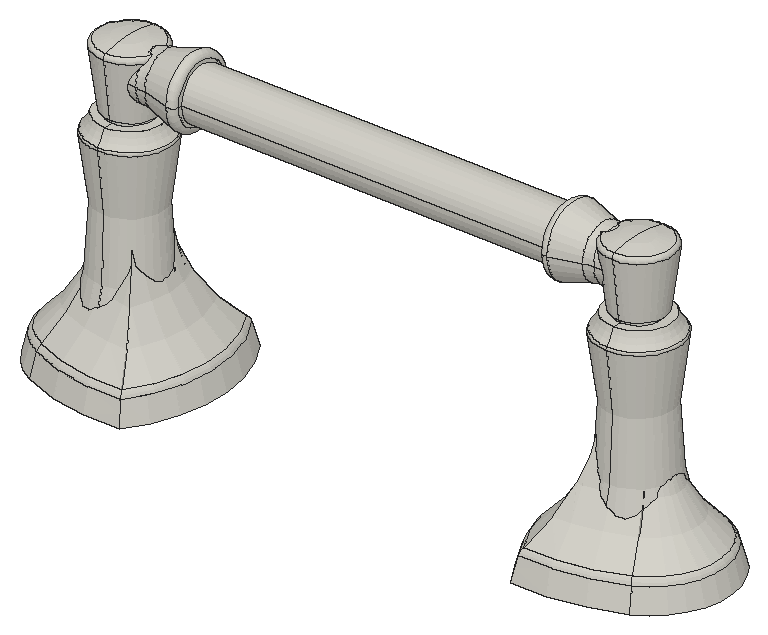
Revit family "Toilet_Paper_Holder-American_Standard-Estate-7722230_Series", category Specialty Equipment, host Face, Revit 2019
Family settings
  Host = Face
  Round Connector Dimension = Use Diameter
  Part Type = Normal
  OmniClass Number = 23.40.20.21.21
  OmniClass Title = Toilet Paper Dispensers
  Cut with Voids When Loaded = No
  Shared = Yes
  Room Calculation Point = No
Parameters (values of type "7722230.243")
  Width = 8 3/4"  # constant formula
  Warranty Information = "Limited Lifetime Warranty"  # constant formula
  URL = "http://www.americanstandard-us.com"
  Type Comments = ""
  Revised Date = "02/28/2024"  # constant formula
  Product Page URL = "https://www.americanstandard-us.com/toilet-paper-holders/estate-toilet-paper-holder/matte-black-7722230243"
  Product Documentation Link = "https://lixil.cdn.celum.cloud/166462_spec_7722-230_Estate_toiletpaper_holder_original.pdf"
  Model = "7722230.243"
  Material = "Metal-American Standard-295-Brushed Nickel"
  Manufacturer = "American Standard"
  Length = 3 7/8"  # constant formula
  Installation Type = "Wall Mounted"
  Height = 2 1/4"  # constant formula
  Finish = Metal-American Standard-295-Brushed Nickel
  Description = "Estate Toilet Paper Holder"  # constant formula
  Default Elevation = 44"
  Creation Date = "05/13/2019"  # constant formula
  Assembly Code = "C1030220"
Types (6): name | Product Page URL | Model | Material | Finish
  (no name) | "https://www.americanstandard-us.com/toilet-paper-holders/estate-toilet-paper-holder/matte-black-7722230243" | "7722230.243" | "Metal-American Standard-295-Brushed Nickel" | Metal-American Standard-295-Brushed Nickel
  7722230.002 | "https://www.americanstandard-us.com/toilet-paper-holders/estate-toilet-paper-holder/chrome-7722230002" | "7722230.002" | "Metal-American Standard-002-Polished Chrome" | Metal-American Standard-002-Polished Chrome
  7722230.295 | "https://www.americanstandard-us.com/toilet-paper-holders/estate-toilet-paper-holder/brushed-nickel-7722230295" | "7722230.295" | "Metal-American Standard-295-Brushed Nickel" | Metal-American Standard-295-Brushed Nickel
  7722230.013 | "https://www.americanstandard-us.com/toilet-paper-holders/estate-toilet-paper-holder/polished-nickel-7722230013" | "7722230.013" | "Metal-American Standard-013-Polished Nickel" | Metal-American Standard-013-Polished Nickel
  7722230.278 | "https://www.americanstandard-us.com/toilet-paper-holders/estate-toilet-paper-holder/legacy-bronze-7722230278" | "7722230.278" | "Metal-American Standard-278-Legacy Bronze" | Metal-American Standard-278-Legacy Bronze
  7722230.243 | "https://www.americanstandard-us.com/toilet-paper-holders/estate-toilet-paper-holder/matte-black-7722230243" | "7722230.243" | "Metal-American Standard-295-Brushed Nickel" | Metal-American Standard-295-Brushed Nickel
Reference planes (in)
  plane 1 "Center (Front/Back)": y = 0
  plane 2: z = 0
  plane 3 "Center (Left/Right)": x = 0
  plane 4: z = 3.875
  plane 5: x = 4.375
  plane 6: x = -4.375
  plane 7: z = 3.375
  plane 8: x = 2.125
  plane 9: x = -2.125
  plane 10: x = 3.25
  plane 11: x = -3.25
  plane 12: y = 1.125
  plane 13: y = 1.125
Forms (in)
  Sweep 1, solid, material "Metal-American Standard-295-Brushed Nickel" <- "Finish"
    path origin (0, 0, 0) x (1, 0, 0) y (0, 1, 0)
      loop
        arc (-2.46645, 1.1002) -> (-3.16507, 1.07929) -> (-3.83155, 0.86883) r 2.54079
        arc (-3.83155, 0.86883) -> (-4.38048, 0) -> (-3.83155, -0.86883) r 0.96205
        arc (-3.83155, -0.86883) -> (-3.18169, -1.07642) -> (-2.50003, -1.10361) r 2.54079
        arc (-2.50003, -1.10361) -> (-2.1251, -0.00716) -> (-2.46645, 1.1002) r 1.8744
    profile origin (-2.46645, 1.1002, 0) x (0.107854, 0.994167, 0) y (0, 0, 1)
      loop
        line (0, 0) -> (-0.07724, 0.28826)
        arc (-0.07724, 0.28826) -> (-0.09671, 0.33302) -> (-0.12843, 0.37013) r 0.16496
        arc (-0.12843, 0.37013) -> (-0.61457, 0.99463) -> (-0.82776, 1.7568) r 2.04887
        line (-0.82776, 1.7568) -> (-0.82776, 0) -> (0, 0)
  Revolve 2, solid, material "Metal-American Standard-295-Brushed Nickel" <- "Finish"
    sketch origin (0, 0, 3.41797) x (1, 0, 0) y (0, 1, 0)
      loop
        line (-2.33216, 0.33016) -> (-2.33216, 0.37036)
        arc (-2.33216, 0.37036) -> (-2.36389, 0.43358) -> (-2.43354, 0.44592) r 0.07885
        line (-2.43354, 0.44592) -> (-2.79444, 0.33836)
        arc (-2.79444, 0.33836) -> (-2.8602, 0.32385) -> (-2.92737, 0.31898) r 0.4654
        line (-2.92737, 0.31898) -> (-3.25, 0.31898) -> (-3.25, 0) -> (3.25, 0) -> (3.25, 0.31898) -> (2.92737, 0.31898)
        arc (2.92737, 0.31898) -> (2.8602, 0.32385) -> (2.79444, 0.33836) r 0.4654
        line (2.79444, 0.33836) -> (2.43354, 0.44592)
        arc (2.43354, 0.44592) -> (2.36389, 0.43358) -> (2.33216, 0.37036) r 0.07885
        line (2.33216, 0.37036) -> (2.33216, 0.33016) -> (-2.33216, 0.33016)
      axis (-3.25, 0) -> (3.25, 0)
    angle from 0 to 360
  Revolve 3, solid, material "Metal-American Standard-295-Brushed Nickel" <- "Finish"
    sketch origin (-3.25, 0, 0) x (0, 1, 0) y (0, 0, 1)
      loop
        arc (0.31898, 2.92472) -> (0.35589, 3.29058) -> (0.41965, 3.65272) r 4.98856
        arc (0.41965, 3.65272) -> (0.41325, 3.69171) -> (0.38204, 3.71594) r 0.05408
        arc (0.38204, 3.71594) -> (0.19299, 3.75715) -> (0, 3.77098) r 1.35338
        line (0, 3.77098) -> (0, 0.33268) -> (0.64562, 0.33268)
        arc (0.64562, 0.33268) -> (0.41549, 1.48671) -> (0.5177, 2.65901) r 4.16049
        arc (0.5177, 2.65901) -> (0.51743, 2.67824) -> (0.50823, 2.69512) r 0.04001
        arc (0.50823, 2.69512) -> (0.44523, 2.78143) -> (0.4028, 2.87951) r 0.4816
        line (0.4028, 2.87951) -> (0.28391, 2.87951) -> (0.28391, 2.92472) -> (0.31898, 2.92472)
      axis (0, 3.77098) -> (0, 0.33268)
    angle from 0 to 360
  Sweep 4, solid, material "Metal-American Standard-295-Brushed Nickel" <- "Finish"
    path origin (0, 0, 0) x (-1, 0, 0) y (0, 1, 0)
      loop
        arc (-2.46645, 1.1002) -> (-3.16507, 1.07929) -> (-3.83155, 0.86883) r 2.54079
        arc (-3.83155, 0.86883) -> (-4.38048, 0) -> (-3.83155, -0.86883) r 0.96205
        arc (-3.83155, -0.86883) -> (-3.18169, -1.07642) -> (-2.50003, -1.10361) r 2.54079
        arc (-2.50003, -1.10361) -> (-2.1251, -0.00716) -> (-2.46645, 1.1002) r 1.8744
    profile origin (2.46645, 1.1002, 0) x (0.107854, -0.994167, 0) y (0, 0, 1)
      loop
        line (0, 0) -> (0.82776, 0) -> (0.82776, 1.7568)
        arc (0.82776, 1.7568) -> (0.61457, 0.99463) -> (0.12843, 0.37013) r 2.04887
        arc (0.12843, 0.37013) -> (0.09671, 0.33302) -> (0.07724, 0.28826) r 0.16496
        line (0.07724, 0.28826) -> (0, 0)
  Revolve 5, solid, material "Metal-American Standard-295-Brushed Nickel" <- "Finish"
    sketch origin (3.25, 0, 0) x (0, 1, 0) y (0, 0, -1)
      loop
        line (0.31898, -2.92472) -> (0.28391, -2.92472) -> (0.28391, -2.87951) -> (0.4028, -2.87951)
        arc (0.4028, -2.87951) -> (0.44523, -2.78143) -> (0.50823, -2.69512) r 0.4816
        arc (0.50823, -2.69512) -> (0.51743, -2.67824) -> (0.5177, -2.65901) r 0.04001
        arc (0.5177, -2.65901) -> (0.41549, -1.48671) -> (0.64562, -0.33268) r 4.16049
        line (0.64562, -0.33268) -> (0, -0.33268) -> (0, -3.77098)
        arc (0, -3.77098) -> (0.19299, -3.75715) -> (0.38204, -3.71594) r 1.35338
        arc (0.38204, -3.71594) -> (0.41325, -3.69171) -> (0.41965, -3.65272) r 0.05408
        arc (0.41965, -3.65272) -> (0.35589, -3.29058) -> (0.31898, -2.92472) r 4.98856
      axis (0, -3.77098) -> (0, -0.33268)
    angle from 0 to 360
Lines and regions (in)
  Masking region 1
    outline origin (0, 0, 0) x (1, 0, 0) y (0, 0, 1)
      loop
        line (4.38048, 0) -> (4.30666, 0.27549)
        arc (4.30666, 0.27549) -> (4.28187, 0.33189) -> (4.2413, 0.37826) r 0.20301
        arc (4.2413, 0.37826) -> (3.97401, 0.66053) -> (3.77675, 0.9955) r 1.72423
        arc (3.77675, 0.9955) -> (3.69451, 1.25615) -> (3.67312, 1.52863) r 1.20529
        arc (3.67312, 1.52863) -> (3.70673, 2.08333) -> (3.7683, 2.63563) r 11.00462
        arc (3.7683, 2.63563) -> (3.76659, 2.66587) -> (3.75365, 2.69326) r 0.07914
        arc (3.75365, 2.69326) -> (3.69681, 2.78291) -> (3.6528, 2.87951) r 0.77149
        line (3.6528, 2.87951) -> (3.53391, 2.87951) -> (3.53391, 2.92472) -> (3.56898, 2.92472)
        arc (3.56898, 2.92472) -> (3.59439, 3.29431) -> (3.67036, 3.65689) r 2.68946
        arc (3.67036, 3.65689) -> (3.66669, 3.68794) -> (3.64214, 3.7073) r 0.04084
        arc (3.64214, 3.7073) -> (3.33627, 3.76035) -> (3.02603, 3.74973) r 1.50988
        arc (3.02603, 3.74973) -> (2.9518, 3.74445) -> (2.87752, 3.74902) r 0.56233
        arc (2.87752, 3.74902) -> (2.64416, 3.79407) -> (2.41831, 3.86809) r 1.88687
        arc (2.41831, 3.86809) -> (2.35976, 3.86175) -> (2.33216, 3.80973) r 0.06285
        line (2.33216, 3.80973) -> (2.33216, 3.74813) -> (-2.33216, 3.74813) -> (-2.33216, 3.80973)
        arc (-2.33216, 3.80973) -> (-2.35976, 3.86175) -> (-2.41831, 3.86809) r 0.06285
        arc (-2.41831, 3.86809) -> (-2.64416, 3.79407) -> (-2.87752, 3.74902) r 1.88687
        arc (-2.87752, 3.74902) -> (-2.9518, 3.74445) -> (-3.02603, 3.74973) r 0.56233
        arc (-3.02603, 3.74973) -> (-3.33627, 3.76035) -> (-3.64214, 3.7073) r 1.50988
        arc (-3.64214, 3.7073) -> (-3.66669, 3.68794) -> (-3.67036, 3.65689) r 0.04084
        arc (-3.67036, 3.65689) -> (-3.59439, 3.29431) -> (-3.56898, 2.92472) r 2.68946
        line (-3.56898, 2.92472) -> (-3.53391, 2.92472) -> (-3.53391, 2.87951) -> (-3.6528, 2.87951)
        arc (-3.6528, 2.87951) -> (-3.69681, 2.78291) -> (-3.75365, 2.69326) r 0.77149
        arc (-3.75365, 2.69326) -> (-3.76659, 2.66587) -> (-3.7683, 2.63563) r 0.07914
        arc (-3.7683, 2.63563) -> (-3.70673, 2.08333) -> (-3.67312, 1.52863) r 11.00462
        arc (-3.67312, 1.52863) -> (-3.69451, 1.25615) -> (-3.77675, 0.9955) r 1.20529
        arc (-3.77675, 0.9955) -> (-3.97401, 0.66053) -> (-4.2413, 0.37826) r 1.72423
        arc (-4.2413, 0.37826) -> (-4.28187, 0.33189) -> (-4.30666, 0.27549) r 0.20301
        line (-4.30666, 0.27549) -> (-4.38048, 0) -> (-2.1251, 0) -> (-2.19892, 0.27549)
        arc (-2.19892, 0.27549) -> (-2.22371, 0.33189) -> (-2.26428, 0.37826) r 0.20301
        arc (-2.26428, 0.37826) -> (-2.53157, 0.66053) -> (-2.72883, 0.9955) r 1.72423
        arc (-2.72883, 0.9955) -> (-2.81107, 1.25615) -> (-2.83246, 1.52863) r 1.20529
        arc (-2.83246, 1.52863) -> (-2.79885, 2.08333) -> (-2.73728, 2.63563) r 11.00462
        arc (-2.73728, 2.63563) -> (-2.73898, 2.66587) -> (-2.75193, 2.69326) r 0.07914
        arc (-2.75193, 2.69326) -> (-2.80877, 2.78291) -> (-2.85277, 2.87951) r 0.77149
        line (-2.85277, 2.87951) -> (-2.97167, 2.87951) -> (-2.97167, 2.92472) -> (-2.9366, 2.92472)
        arc (-2.9366, 2.92472) -> (-2.93531, 3.00892) -> (-2.93137, 3.09304) r 2.68946
        arc (-2.93137, 3.09304) -> (-2.67044, 3.04848) -> (-2.41831, 2.96784) r 1.88687
        arc (-2.41831, 2.96784) -> (-2.35976, 2.97419) -> (-2.33216, 3.02621) r 0.06285
        line (-2.33216, 3.02621) -> (-2.33216, 3.08781) -> (2.33216, 3.08781) -> (2.33216, 3.02621)
        arc (2.33216, 3.02621) -> (2.35976, 2.97419) -> (2.41831, 2.96784) r 0.06285
        arc (2.41831, 2.96784) -> (2.67044, 3.04848) -> (2.93137, 3.09304) r 1.88687
        arc (2.93137, 3.09304) -> (2.93531, 3.00892) -> (2.9366, 2.92472) r 2.68946
        line (2.9366, 2.92472) -> (2.97167, 2.92472) -> (2.97167, 2.87951) -> (2.85277, 2.87951)
        arc (2.85277, 2.87951) -> (2.80877, 2.78291) -> (2.75193, 2.69326) r 0.77149
        arc (2.75193, 2.69326) -> (2.73898, 2.66587) -> (2.73728, 2.63563) r 0.07914
        arc (2.73728, 2.63563) -> (2.79885, 2.08333) -> (2.83246, 1.52863) r 11.00462
        arc (2.83246, 1.52863) -> (2.81107, 1.25615) -> (2.72883, 0.9955) r 1.20529
        arc (2.72883, 0.9955) -> (2.53157, 0.66053) -> (2.26428, 0.37826) r 1.72423
        arc (2.26428, 0.37826) -> (2.22371, 0.33189) -> (2.19892, 0.27549) r 0.20301
        line (2.19892, 0.27549) -> (2.1251, 0) -> (4.38048, 0)
  symbolic lines, detail levels medium+fine
    curve 1: line (2.33216, 0, 3.08781) -> (2.33216, 0, 3.74813)
    curve 2: line (-2.33216, 0, 3.08781) -> (-2.33216, 0, 3.74813)
    curve 3: line (3.53391, 0, 2.87951) -> (2.97167, 0, 2.87951)
    curve 4: line (3.53391, 0, 2.92472) -> (2.97167, 0, 2.92472)
    curve 7: line (-3.53391, 0, 2.87951) -> (-2.97167, 0, 2.87951)
    curve 8: line (-3.53391, 0, 2.92472) -> (-2.97167, 0, 2.92472)
  symbolic lines, detail levels fine
    curve 5: line (2.8472, 0, 2.87951) -> (2.8472, 0, 1.04942)
    curve 6: arc (2.8472, 0, 1.04942) -> (2.72511, 0, 0.47506) -> (2.37996, 0, 0) r 1.41214
    curve 9: line (-2.8472, 0, 2.87951) -> (-2.8472, 0, 1.04942)
    curve 10: arc (-2.8472, 0, 1.04942) -> (-2.72511, 0, 0.47506) -> (-2.37996, 0, 0) r 1.41214
Dimensions and locks (in)
  equal spacing: plane 6, plane 3 "Center (Left/Right)", plane 5
  "Width": plane 6 to plane 5
  "Length": level to plane 4
  locked: level to plane 7 at 3.375
  "Height": plane 8 to plane 5
  "Height": plane 9 to plane 6
  equal spacing: plane 8, plane 10, plane 5
  equal spacing: plane 9, plane 11, plane 6
  aligned and locked: plane 2 to host face
  aligned and locked: level to host face
Automatic sketch dimensions
  host sketch curve to host sketch curve = 96"  (x2)
  plane 1 "Center (Front/Back)" to Sweep 1 sketch curve = 0"
  Sweep 1 sketch curve to plane 1 "Center (Front/Back)" = 0.02139"
  plane 6 to Sweep 1 sketch curve = 0.37572"
  plane 11 to Sweep 1 sketch curve = 0.16843"
  plane 12 to Sweep 1 sketch curve = 77/256"
  Sweep 1 sketch curve to plane 9 = 0.61549"
  Sweep 1 sketch curve to plane 11 = 0.50951"
  plane 1 "Center (Front/Back)" to Sweep 1 sketch curve = 1 109/256"
  plane 6 to Sweep 1 sketch curve = 0.54345"
  Sweep 1 sketch curve to plane 12 = 0.25617"
  Sweep 1 sketch curve to Sweep 1 sketch curve = 0"
  Sweep 1 sketch curve to plane 9 = 0.37503"
  Sweep 1 sketch curve to level = 0"
  Sweep 1 sketch curve to profile plane = 0"
  profile plane to Sweep 1 sketch curve = 0.07724"
  Sweep 1 sketch curve to Sweep 1 sketch curve = 0.15934"
  Sweep 1 sketch curve to Sweep 1 sketch curve = 0.59119"
  Sweep 1 sketch curve to profile plane = 1.21482"
  level to Sweep 1 sketch curve = 0.24557"
  Sweep 1 sketch curve to Sweep 1 sketch curve = 0.04269"
  Sweep 1 sketch curve to Sweep 1 sketch curve = 1.51124"
  level to Sweep 1 sketch curve = 1.91724"
  plane 1 "Center (Front/Back)" to Revolve 2 sketch curve = 0"  (x2)
  Revolve 2 sketch curve to plane 11 = 0"
  Revolve 2 sketch curve to plane 10 = 0"
  Revolve 2 sketch curve to Revolve 2 sketch curve = 0.32263"
  Revolve 2 sketch curve to Revolve 2 sketch curve = 0.13293"
  Revolve 2 sketch curve to plane 9 = 0.30854"
  Revolve 2 sketch curve to Revolve 2 sketch curve = 0.02252"  (x2)
  Revolve 2 sketch curve to Revolve 2 sketch curve = 0.07885"  (x2)
  Revolve 2 sketch curve to plane 8 = 0.20716"
  Revolve 2 sketch curve to Revolve 2 sketch curve = 0.3609"
  Revolve 2 sketch curve to plane 10 = 0.32263"
  Revolve 2 sketch curve to plane 1 "Center (Front/Back)" = 0.31898"  (x2)
  Revolve 2 sketch curve to plane 1 "Center (Front/Back)" = 0.33016"
  Revolve 2 sketch curve to Revolve 2 sketch curve = 0.01939"  (x2)
  Revolve 2 sketch curve to Revolve 2 sketch curve = 0.0402"  (x2)
  Revolve 2 sketch curve to plane 3 "Center (Left/Right)" = 1.00241"
  Revolve 2 sketch curve to plane 3 "Center (Left/Right)" = 0.40006"
  Revolve 3 sketch curve to plane 1 "Center (Front/Back)" = 0"  (x2)
  Revolve 3 sketch curve to plane 1 "Center (Front/Back)" = 0.28391"
  Revolve 3 sketch curve to Revolve 3 sketch curve = 0.03507"
  Revolve 3 sketch curve to plane 1 "Center (Front/Back)" = 0.36677"
  Revolve 3 sketch curve to Revolve 3 sketch curve = 0.08383"
  Revolve 3 sketch curve to Revolve 3 sketch curve = 0.07593"
  Revolve 3 sketch curve to plane 1 "Center (Front/Back)" = 0.64562"
  Revolve 3 sketch curve to Revolve 3 sketch curve = 0.46051"
  Revolve 3 sketch curve to plane 7 = 1.65986"
  Revolve 3 sketch curve to Revolve 3 sketch curve = 3.70639"
  Revolve 3 sketch curve to Revolve 3 sketch curve = 0.72772"
  level to Revolve 3 sketch curve = 0.33268"
  Revolve 3 sketch curve to plane 7 = 0.9574"
  Revolve 3 sketch curve to plane 7 = 0.7678"
  Revolve 3 sketch curve to Revolve 3 sketch curve = 0.25049"
  Revolve 3 sketch curve to Revolve 3 sketch curve = 0.21142"
  Revolve 3 sketch curve to Revolve 3 sketch curve = 0.04521"
  Revolve 3 sketch curve to plane 7 = 0.35453"
  Revolve 3 sketch curve to plane 4 = 27/128"
  Revolve 3 sketch curve to plane 4 = 0.10402"
  Revolve 3 sketch curve to Revolve 3 sketch curve = 0"  (x2)
  Revolve 3 sketch curve to Revolve 3 sketch curve = 0.32897"
  Revolve 3 sketch curve to Revolve 3 sketch curve = 0.07897"
  plane 1 "Center (Front/Back)" to Sweep 4 sketch curve = 0"
  plane 1 "Center (Front/Back)" to Sweep 4 sketch curve = 0.02139"
  Sweep 4 sketch curve to plane 5 = 0.37572"
  Sweep 4 sketch curve to plane 10 = 0.16843"
  Sweep 4 sketch curve to plane 13 = 77/256"
  plane 8 to Sweep 4 sketch curve = 0.61549"
  plane 10 to Sweep 4 sketch curve = 0.50951"
  Sweep 4 sketch curve to plane 1 "Center (Front/Back)" = 1 109/256"
  Sweep 4 sketch curve to plane 5 = 0.54345"
  plane 13 to Sweep 4 sketch curve = 0.25617"
  Sweep 4 sketch curve to Sweep 4 sketch curve = 0"
  plane 8 to Sweep 4 sketch curve = 0.37503"
  Sweep 4 sketch curve to level = 0"
  Sweep 4 sketch curve to profile plane = 0"
  profile plane to Sweep 4 sketch curve = 1.21482"
  Sweep 4 sketch curve to profile plane = 0.07724"
  Sweep 4 sketch curve to Sweep 4 sketch curve = 0.15934"
  Sweep 4 sketch curve to Sweep 4 sketch curve = 0.59119"
  level to Sweep 4 sketch curve = 0.24557"
  Sweep 4 sketch curve to Sweep 4 sketch curve = 0.04269"
  Sweep 4 sketch curve to Sweep 4 sketch curve = 1.51124"
  level to Sweep 4 sketch curve = 1.91724"
  Revolve 5 sketch curve to plane 1 "Center (Front/Back)" = 0"  (x2)
  Revolve 5 sketch curve to plane 1 "Center (Front/Back)" = 0.28391"
  Revolve 5 sketch curve to Revolve 5 sketch curve = 0.03507"
  Revolve 5 sketch curve to plane 1 "Center (Front/Back)" = 0.36677"
  Revolve 5 sketch curve to Revolve 5 sketch curve = 0.08383"
  Revolve 5 sketch curve to Revolve 5 sketch curve = 0.07593"
  Revolve 5 sketch curve to plane 1 "Center (Front/Back)" = 0.64562"
  Revolve 5 sketch curve to Revolve 5 sketch curve = 0.46051"
  Revolve 5 sketch curve to plane 7 = 1.65986"
  Revolve 5 sketch curve to Revolve 5 sketch curve = 3.70639"
  Revolve 5 sketch curve to Revolve 5 sketch curve = 0.72772"
  Revolve 5 sketch curve to plane 7 = 0.9574"
  Revolve 5 sketch curve to plane 7 = 0.7678"
  Revolve 5 sketch curve to Revolve 5 sketch curve = 0.25049"
  Revolve 5 sketch curve to Revolve 5 sketch curve = 0.21142"
  Revolve 5 sketch curve to Revolve 5 sketch curve = 0.04521"
  Revolve 5 sketch curve to plane 7 = 0.35453"
  Revolve 5 sketch curve to plane 4 = 27/128"
  Revolve 5 sketch curve to plane 4 = 0.10402"
  level to Revolve 5 sketch curve = 0.33268"
  Revolve 5 sketch curve to Revolve 5 sketch curve = 0"  (x2)
  Revolve 5 sketch curve to Revolve 5 sketch curve = 0.32897"
  Revolve 5 sketch curve to Revolve 5 sketch curve = 0.07897"
  Masking region 1 sketch curve to level = 0"  (x2)
  level to Masking region 1 sketch curve = 1 9/64"  (x4)
  Masking region 1 sketch curve to plane 6 = 10.2959"
  Masking region 1 sketch curve to plane 6 = 3.79032"
  Masking region 1 sketch curve to plane 7 = 0.44957"  (x4)
  Masking region 1 sketch curve to plane 6 = 1.88344"
  Masking region 1 sketch curve to plane 6 = 0.97666"
  Masking region 1 sketch curve to plane 6 = 0.50266"
  Masking region 1 sketch curve to plane 6 = 0.00548"
  Masking region 1 sketch curve to plane 6 = 0.00023"
  plane 6 to Masking region 1 sketch curve = 0.06834"
  Masking region 1 sketch curve to Masking region 1 sketch curve = 0.19609"  (x2)
  plane 11 to Masking region 1 sketch curve = 0.43989"
  Masking region 1 sketch curve to Masking region 1 sketch curve = 0.03708"  (x4)
  plane 11 to Masking region 1 sketch curve = 0.38106"
  Masking region 1 sketch curve to Masking region 1 sketch curve = 0.08383"  (x4)
  Masking region 1 sketch curve to Masking region 1 sketch curve = 0.03507"  (x4)
  Masking region 1 sketch curve to plane 11 = 0.01746"
  Masking region 1 sketch curve to plane 11 = 0.13225"  (x2)
  Masking region 1 sketch curve to plane 11 = 0.27833"
  Masking region 1 sketch curve to plane 11 = 0.30089"
  Masking region 1 sketch curve to plane 9 = 0.27001"  (x3)
  Masking region 1 sketch curve to plane 4 = 0.06527"  (x2)
  Masking region 1 sketch curve to Masking region 1 sketch curve = 0.06285"  (x4)
  Masking region 1 sketch curve to plane 9 = 0.07392"
  Masking region 1 sketch curve to plane 9 = 0.00535"
  Masking region 1 sketch curve to plane 9 = 0.0001"
  plane 9 to Masking region 1 sketch curve = 0.49708"
  Masking region 1 sketch curve to Masking region 1 sketch curve = 0.474"  (x2)
  Masking region 1 sketch curve to plane 3 "Center (Left/Right)" = 0.24714"
  plane 3 "Center (Left/Right)" to Masking region 1 sketch curve = 0.24714"
  plane 8 to Masking region 1 sketch curve = 0.97108"
  plane 8 to Masking region 1 sketch curve = 0.49708"
  Masking region 1 sketch curve to plane 8 = 0.0001"
  Masking region 1 sketch curve to plane 8 = 0.00535"
  Masking region 1 sketch curve to plane 8 = 0.07392"
  Masking region 1 sketch curve to plane 8 = 0.20716"  (x2)
  Masking region 1 sketch curve to plane 10 = 0.43431"
  Masking region 1 sketch curve to plane 10 = 0.30089"
  Masking region 1 sketch curve to plane 10 = 0.13225"  (x2)
  Masking region 1 sketch curve to plane 10 = 0.01746"
  plane 10 to Masking region 1 sketch curve = 0.28391"
  plane 10 to Masking region 1 sketch curve = 0.38106"
  plane 5 to Masking region 1 sketch curve = 0.26443"
  plane 5 to Masking region 1 sketch curve = 0.06834"
  Masking region 1 sketch curve to plane 5 = 0.00023"
  Masking region 1 sketch curve to plane 5 = 0.00548"
  Masking region 1 sketch curve to plane 5 = 0.50266"
  Masking region 1 sketch curve to Masking region 1 sketch curve = 0.90678"
  Masking region 1 sketch curve to Masking region 1 sketch curve = 1.90688"
  Masking region 1 sketch curve to Masking region 1 sketch curve = 6.50558"
  level to Masking region 1 sketch curve = 0.22295"  (x4)
  Masking region 1 sketch curve to Masking region 1 sketch curve = 0.05254"  (x4)
  level to Masking region 1 sketch curve = 1.2154"  (x2)
  Masking region 1 sketch curve to Masking region 1 sketch curve = 1.21064"  (x4)
  Masking region 1 sketch curve to Masking region 1 sketch curve = 0.21124"  (x4)
  Masking region 1 sketch curve to Masking region 1 sketch curve = 1.03863"  (x2)
  Masking region 1 sketch curve to Masking region 1 sketch curve = 0.39234"  (x4)
  Masking region 1 sketch curve to Masking region 1 sketch curve = 0.23313"  (x4)
  Masking region 1 sketch curve to Masking region 1 sketch curve = 0.04521"  (x4)
  Masking region 1 sketch curve to plane 7 = 0.34879"  (x2)
  Masking region 1 sketch curve to plane 7 = 0.22476"  (x4)
  Masking region 1 sketch curve to plane 4 = 0.207"  (x2)
  Masking region 1 sketch curve to Masking region 1 sketch curve = 0.0616"  (x2)
  plane 4 to Masking region 1 sketch curve = 0.43178"  (x2)
  Masking region 1 sketch curve to Masking region 1 sketch curve = 1.31376"  (x2)
  Masking region 1 sketch curve to Masking region 1 sketch curve = 0"  (x21)
  Masking region 1 sketch curve to Masking region 1 sketch curve = 0.01464"  (x2)
  Masking region 1 sketch curve to Masking region 1 sketch curve = 0.00523"
  Masking region 1 sketch curve to plane 11 = 0.41754"
  plane 10 to Masking region 1 sketch curve = 0.42312"
  curve 10 to level = 0"
  curve 6 to level = 0"
  curve 9 to plane 11 = 0.4028"
  plane 9 to curve 10 = 0.68994"
  plane 8 to curve 6 = 0.68994"
  curve 5 to plane 10 = 0.4028"
  level to curve 9 = 1.04942"
  level to curve 6 = 1.04942"
  curve 7 to curve 9 = 0.12447"
  curve 8 to curve 7 = 0"  (x2)
  plane 11 to curve 7 = 0.28391"
  curve 2 to plane 9 = 0.20716"
  curve 1 to plane 8 = 0.20716"
  curve 5 to curve 3 = 0.12447"
  curve 4 to curve 3 = 0"  (x2)
  plane 10 to curve 3 = 0.28391"
  curve 5 to plane 7 = 0.49549"
  curve 7 to plane 7 = 0.49549"
  curve 3 to curve 5 = 0"
  curve 9 to curve 7 = 0"
  curve 7 to curve 8 = 0.04521"
  curve 3 to curve 4 = 0.04521"
  curve 2 to plane 7 = 0.28719"
  curve 1 to plane 7 = 0.28719"
  curve 1 to plane 4 = 0.12687"
  curve 2 to plane 4 = 0.12687"
